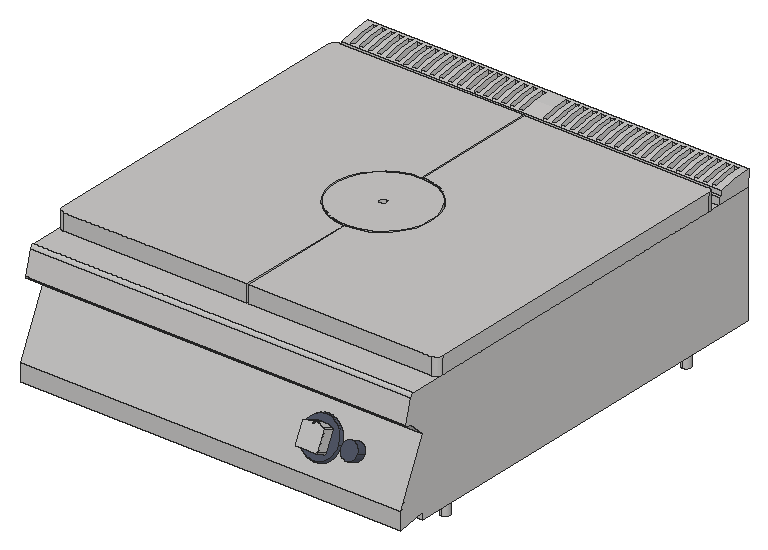
Revit family "QF_ZANUSSI_392018_Z9STGH1000", category Specialty Equipment, Revit 2018
Family settings
  Round Connector Dimension = Use Diameter
  Part Type = Normal
  Work Plane-Based = No
  Always vertical = Yes
  Cut with Voids When Loaded = No
  Shared = No
  Room Calculation Point = No
Parameters
  Width = 800 mm  # constant formula
  Weight in Pounds = 92  # constant formula
  Weight = 0.00 kg
  Watts = 0 W
  Volts = 0 V
  URL Manufacturer = "http://www.zanussiprofessional.com"
  URL Cutsheet = "www.electrolux.com"
  URL = "http://www.zanussiprofessional.com"
  Type Mark [instance] = ""
  Steam Supply Size = 0"
  Steam Supply Minimum Pressure = 0.00 psi
  Steam Supply Maximum Pressure = 0.00 psi
  Steam Pounds per Hour = 0
  Status [instance] = ""
  Specification by User [instance] = ""
  Specification by Manufacturer = ""
  Show Logo [instance] = yes
  Show Clearance [instance] = yes
  Serial Number = ""
  Seismic Rating = ""
  SMACNA No = ""
  Revision Code [instance] = ""
  Refrigeration Suction Line Size = 0"
  Refrigeration Liquid Line Size = 0"
  Refrigerant Compressor Remote = yes
  Phase = 0
  Omniclass Number and Title = ""
  NAFEM Spec ID Number = ""
  Model = "Z9STGH1000"
  Mechanical Remarks [instance] = ""
  Mechanical Connection Type [instance] = ""
  Masterspec = ""
  Manufacturer = "Zanussi"
  Length Actual = 800 mm  # constant formula
  Item Number [instance] = "392018"
  Installed By [instance] = ""
  Identify Quantity as Lot [instance] = yes
  Hot Water Size = 0"
  Height Actual = 250 mm  # constant formula
  Height = 250 mm  # constant formula
  HP = "0 HP"
  Gas Size = 1/2"  # constant formula
  Gas RI Height [instance] = 0 mm
  Gas KW [instance] = 10.5  # constant formula
  Gas Input [instance] = 0.351868 Btu/h
  Gas Connection Height = 0 mm
  Furnished By [instance] = ""
  Foodservice Equipment Identifier [instance] = yes
  Direct Waste Size = 0"
  Description = "GAS SOLID TOP 800 MM"
  Depth Actual = 900 mm  # constant formula
  Depth = 915 mm  # constant formula
  Cycle = 0 Hz
  Condensate Return Size = 0"
  Compressed Air Volume = 0 GPM
  Compressed Air Size = 0"
  Compressed Air Pressure = 0.00 psi
  Cold Water Size = 0"
  CSI MasterFormat = ""
  CSI Master Format = ""
  Assembly Code = ""
  Accessory = yes
Reference planes
  plane 1 "BACK": y = 0
  plane 2: z = 0
  plane 3 "LEFT": x = 0
  plane 4 "RIGHT": x = 800
  plane 5 "FRONT": y = -915
  plane 6 "TOP": z = 303.188
  plane 7 "Center Y": x = 400
  plane 8 "Center X": y = -457.5
  plane 9 "Base Height": z = 24
  plane 10: z = 274
  plane 11: z = 309
  plane 12: y = -90
  plane 13: y = -831
  plane 14: y = -664
Forms (mm)
  Extrusion 1, solid, material "QF_Finishes_Stainless Steel"
    sketch origin (0, 0, 0) x (0, 1, 0) y (0, 0, 1)
      loop
        line (0, 24) -> (0, 274) -> (-879.358, 274)
        arc (-879.358, 274) -> (-884.643, 271.811) -> (-886.833, 266.526) r 7.474
        line (-886.833, 266.526) -> (-899.884, 221.011)
        arc (-899.884, 221.011) -> (-899.396, 218.379) -> (-897, 217.184) r 3
        line (-897, 217.184) -> (-886.802, 217.184) -> (-854.982, 185.364) -> (-915, 64.508) -> (-915, 29.508) -> (-858.645, 37.428)
        arc (-858.645, 37.428) -> (-856.101, 36.674) -> (-855, 34.259) r 3.2
        line (-855, 34.259) -> (-855, 24) -> (0, 24)
    from 0 to 800
  Extrusion 2, solid, material "QF_Finishes_Stainless Steel"
    sketch origin (0, 0, 0) x (0, 1, 0) y (0, 0, 1)
      loop
        line (0, 274) -> (0, 288.9) -> (-76.2, 288.9) -> (-76.2, 274) -> (0, 274)
    from 0 to 800
  Extrusion 3, solid, material "QF_Finishes_Stainless Steel"
    sketch origin (0, 0, 0) x (1, 0, 0) y (0, 1, 0)
      loop
        circle (11.112, -149.225) r 9.525
      loop
        circle (788.888, -149.225) r 9.525
      loop
        circle (11.112, -783.488) r 9.525
      loop
        circle (788.888, -783.488) r 9.525
    from 0 to 23.812
  Extrusion 4, solid, material "QF_Finishes_Stainless Steel"
    sketch origin (0, 0, 274) x (0, -1, 0) y (1, 0, 0)
      loop
        arc (90, 12.7) -> (93.72, 3.72) -> (102.7, 0) r 12.7
        line (102.7, 0) -> (803.3, 0)
        arc (803.3, 0) -> (812.28, 3.72) -> (816, 12.7) r 12.7
        line (816, 12.7) -> (816, 398.413) -> (563.181, 398.413)
        arc (563.181, 398.413) -> (459.918, 297.117) -> (356.811, 398.571) r 103.201
        line (356.811, 398.571) -> (90, 398.571) -> (90, 12.7)
      loop
        arc (816, 787.3) -> (812.28, 796.28) -> (803.3, 800) r 12.7
        line (803.3, 800) -> (102.7, 800)
        arc (102.7, 800) -> (93.72, 796.28) -> (90, 787.3) r 12.7
        line (90, 787.3) -> (90, 401.528) -> (356.813, 401.528)
        arc (356.813, 401.528) -> (460.121, 503.083) -> (563.194, 401.289) r 103.202
        line (563.194, 401.289) -> (816, 401.289) -> (816, 787.3)
      loop
        circle (460, 400) r 100
      loop
        circle (460, 400) r 7
    from 0 to 35.188
  Extrusion 5, void
    sketch origin (34.989, 0, 288.925) x (-1, 0, 0) y (0, -1, 0)
      loop
        line (-335.017, 6.761) -> (-335.017, 63.911) -> (-344.313, 63.911) -> (-344.313, 6.761) -> (-335.017, 6.761)
      loop
        line (-316.325, 6.761) -> (-316.325, 63.911) -> (-325.62, 63.911) -> (-325.62, 6.761) -> (-316.325, 6.761)
      loop
        line (-297.632, 6.761) -> (-297.632, 63.911) -> (-306.928, 63.911) -> (-306.928, 6.761) -> (-297.632, 6.761)
      loop
        line (-278.94, 6.761) -> (-278.94, 63.911) -> (-288.235, 63.911) -> (-288.235, 6.761) -> (-278.94, 6.761)
      loop
        line (-260.247, 6.761) -> (-260.247, 63.911) -> (-269.543, 63.911) -> (-269.543, 6.761) -> (-260.247, 6.761)
      loop
        line (-241.554, 6.761) -> (-241.554, 63.911) -> (-250.85, 63.911) -> (-250.85, 6.761) -> (-241.554, 6.761)
      loop
        line (-222.862, 6.761) -> (-222.862, 63.911) -> (-232.157, 63.911) -> (-232.157, 6.761) -> (-222.862, 6.761)
      loop
        line (-204.169, 6.761) -> (-204.169, 63.911) -> (-213.465, 63.911) -> (-213.465, 6.761) -> (-204.169, 6.761)
      loop
        line (-185.476, 6.761) -> (-185.476, 63.911) -> (-194.772, 63.911) -> (-194.772, 6.761) -> (-185.476, 6.761)
      loop
        line (-166.784, 6.761) -> (-166.784, 63.911) -> (-176.08, 63.911) -> (-176.08, 6.761) -> (-166.784, 6.761)
      loop
        line (-148.091, 6.761) -> (-148.091, 63.911) -> (-157.387, 63.911) -> (-157.387, 6.761) -> (-148.091, 6.761)
      loop
        line (-129.399, 6.761) -> (-129.399, 63.911) -> (-138.694, 63.911) -> (-138.694, 6.761) -> (-129.399, 6.761)
      loop
        line (-110.706, 6.761) -> (-110.706, 63.911) -> (-120.002, 63.911) -> (-120.002, 6.761) -> (-110.706, 6.761)
      loop
        line (-92.013, 6.761) -> (-92.013, 63.911) -> (-101.309, 63.911) -> (-101.309, 6.761) -> (-92.013, 6.761)
      loop
        line (-73.321, 6.761) -> (-73.321, 63.911) -> (-82.617, 63.911) -> (-82.617, 6.761) -> (-73.321, 6.761)
      loop
        line (-54.628, 6.761) -> (-54.628, 63.911) -> (-63.924, 63.911) -> (-63.924, 6.761) -> (-54.628, 6.761)
      loop
        line (-35.936, 6.761) -> (-35.936, 63.911) -> (-45.231, 63.911) -> (-45.231, 6.761) -> (-35.936, 6.761)
      loop
        line (-17.243, 6.761) -> (-17.243, 63.911) -> (-26.539, 63.911) -> (-26.539, 6.761) -> (-17.243, 6.761)
      loop
        line (1.45, 6.761) -> (1.45, 63.911) -> (-7.846, 63.911) -> (-7.846, 6.761) -> (1.45, 6.761)
      loop
        line (20.142, 6.761) -> (20.142, 63.911) -> (10.846, 63.911) -> (10.846, 6.761) -> (20.142, 6.761)
      loop
        line (-395.005, 6.761) -> (-385.709, 6.761) -> (-385.709, 63.911) -> (-395.005, 63.911) -> (-395.005, 6.761)
      loop
        line (-413.697, 6.761) -> (-404.401, 6.761) -> (-404.401, 63.911) -> (-413.697, 63.911) -> (-413.697, 6.761)
      loop
        line (-432.39, 6.761) -> (-423.094, 6.761) -> (-423.094, 63.911) -> (-432.39, 63.911) -> (-432.39, 6.761)
      loop
        line (-451.082, 6.761) -> (-441.787, 6.761) -> (-441.787, 63.911) -> (-451.082, 63.911) -> (-451.082, 6.761)
      loop
        line (-469.775, 6.761) -> (-460.479, 6.761) -> (-460.479, 63.911) -> (-469.775, 63.911) -> (-469.775, 6.761)
      loop
        line (-488.468, 6.761) -> (-479.172, 6.761) -> (-479.172, 63.911) -> (-488.468, 63.911) -> (-488.468, 6.761)
      loop
        line (-507.16, 6.761) -> (-497.864, 6.761) -> (-497.864, 63.911) -> (-507.16, 63.911) -> (-507.16, 6.761)
      loop
        line (-525.853, 6.761) -> (-516.557, 6.761) -> (-516.557, 63.911) -> (-525.853, 63.911) -> (-525.853, 6.761)
      loop
        line (-544.545, 6.761) -> (-535.25, 6.761) -> (-535.25, 63.911) -> (-544.545, 63.911) -> (-544.545, 6.761)
      loop
        line (-563.238, 6.761) -> (-553.942, 6.761) -> (-553.942, 63.911) -> (-563.238, 63.911) -> (-563.238, 6.761)
      loop
        line (-581.931, 6.761) -> (-572.635, 6.761) -> (-572.635, 63.911) -> (-581.931, 63.911) -> (-581.931, 6.761)
      loop
        line (-600.623, 6.761) -> (-591.328, 6.761) -> (-591.328, 63.911) -> (-600.623, 63.911) -> (-600.623, 6.761)
      loop
        line (-619.316, 6.761) -> (-610.02, 6.761) -> (-610.02, 63.911) -> (-619.316, 63.911) -> (-619.316, 6.761)
      loop
        line (-638.008, 6.761) -> (-628.713, 6.761) -> (-628.713, 63.911) -> (-638.008, 63.911) -> (-638.008, 6.761)
      loop
        line (-656.701, 6.761) -> (-647.405, 6.761) -> (-647.405, 63.911) -> (-656.701, 63.911) -> (-656.701, 6.761)
      loop
        line (-675.394, 6.761) -> (-666.098, 6.761) -> (-666.098, 63.911) -> (-675.394, 63.911) -> (-675.394, 6.761)
      loop
        line (-694.086, 6.761) -> (-684.791, 6.761) -> (-684.791, 63.911) -> (-694.086, 63.911) -> (-694.086, 6.761)
      loop
        line (-712.779, 6.761) -> (-703.483, 6.761) -> (-703.483, 63.911) -> (-712.779, 63.911) -> (-712.779, 6.761)
      loop
        line (-731.472, 6.761) -> (-722.176, 6.761) -> (-722.176, 63.911) -> (-731.472, 63.911) -> (-731.472, 6.761)
      loop
        line (-750.164, 6.761) -> (-740.868, 6.761) -> (-740.868, 63.911) -> (-750.164, 63.911) -> (-750.164, 6.761)
    from 4.268 to 45.348
  Extrusion 6, solid, material "QF_Finishes_Stainless Steel"
    sketch origin (0, 0, 14.288) x (0, 1, 0) y (0, 0, 1)
      loop
        line (0, 274.613) -> (0, 294.713)
        arc (0, 294.713) -> (-35.344, 292.192) -> (-69.85, 284.137) r 224.293
        line (-69.85, 284.137) -> (-69.85, 274.613) -> (0, 274.613)
    from 0 to 800
  Extrusion 7, solid, material "QF_Clearances", visible <- "Show Clearance", detail levels coarse
    sketch origin (0, 0, 0) x (1, 0, 0) y (0, 1, 0)
      loop
        line (0, -915) -> (0, 0) -> (800, 0) -> (800, -915) -> (900, -915) -> (900, 100) -> (-100, 100) -> (-100, -915) -> (0, -915)
    from 0 to 331.787
  Extrusion 8, solid, material "QF_Finishes_Stainless Steel"
    sketch origin (0, -837.222, 24) x (1, 0, 0) y (0, -1, 0)
      loop
        circle (748, -173.222) r 6.4
    from 0 to 20
  Extrusion 9, solid, material "QF_Plastic-Black-Matte"
    sketch origin (552.5, -884.991, 124.936) x (0, 0.444781, 0.895639) y (0, 0.895639, -0.444781)
      loop
        line (26.984, -34) -> (23.984, -34) -> (23.984, -35) -> (26.984, -35)
        arc (26.984, -35) -> (27.691, -34.707) -> (27.984, -34) r 1
        line (27.984, -34) -> (27.984, -19) -> (26.984, -19) -> (26.984, -34)
    from -58.5 to -56.5
  Extrusion 10, solid, material "QF_Finishes_Stainless Steel"
    sketch origin (610, -884.991, 124.936) x (-1, 0, 0) y (0, -0.444781, -0.895639)
      loop
        line (17.5, -17.5) -> (17.5, 17.5) -> (-17.5, 17.5) -> (-17.5, -17.5) -> (17.5, -17.5)
    from 5 to 10
  Blend 11, solid, material "QF_Finishes_Navy Blue"
    base sketch origin (610, -884.991, 124.936) x (1, 0, 0) y (0, 0.444781, 0.895639)
      loop
        circle (0, 0) r 42.5
    top sketch origin (610, -884.991, 124.936) x (1, 0, 0) y (0, 0.444781, 0.895639)
      loop
        circle (0, 0) r 40.5
    from 0 to 5
  Extrusion 12, solid, material "QF_Finishes_Stainless Steel"
    sketch origin (610, -884.991, 124.936) x (-1, 0, 0) y (0, -0.444781, -0.895639)
      loop
        arc (-21.147, -22.789) -> (0, -26.984) -> (21.147, -22.789) r 55.4
        arc (21.147, -22.789) -> (22.494, -21.685) -> (23, -20.019) r 2.997
        line (23, -20.019) -> (23, 20.019)
        arc (23, 20.019) -> (22.122, 22.138) -> (20.003, 23.016) r 2.997
        line (20.003, 23.016) -> (-20.003, 23.016)
        arc (-20.003, 23.016) -> (-22.122, 22.138) -> (-23, 20.019) r 2.997
        line (-23, 20.019) -> (-23, -20.019)
        arc (-23, -20.019) -> (-22.494, -21.685) -> (-21.147, -22.789) r 2.997
    from 10 to 34
  Extrusion 13, solid, material "QF_Finishes_Navy Blue"
    sketch origin (740.001, -884.991, 124.936) x (1, 0, 0) y (0, 0.444781, 0.895639)
      loop
        circle (-55.001, 0) r 18
    from 3 to 23
  Extrusion 14, solid, material "QF_Finishes_Stainless Steel"
    sketch origin (601, -884.991, 124.936) x (1, 0, 0) y (0, 0.444781, 0.895639)
      loop
        circle (84, 0) r 15
    from 3 to 0
Cuts and joins
  Extrusion 5 cuts Extrusion 1
  Extrusion 5 cuts Extrusion 6
  joined: Extrusion 2, Extrusion 6
Lines and regions (mm)
  Split face 1
    outline origin (604.87, -895.739, 114.536) x (1, 0, 0) y (0, 0.444781, 0.895639)
      loop
        circle (-24.487, 26.694) r 2.5
  Split face 2
    outline origin (643, -873.946, 158.418) x (1, 0, 0) y (0, 0.444781, 0.895639)
      loop
        circle (-33, 0) r 1.5
  Split face 3
    outline origin (601.34, -887.245, 131.638) x (1, 0, 0) y (0, 0.444781, 0.895639)
      loop
        circle (-17.8, -29.371) r 2.5
  symbolic lines
    curve 1: line (0, 0, 0) -> (0, -915, 0)
    curve 2: line (800, 0, 0) -> (0, 0, 0)
    curve 3: line (800, -915.129, 0) -> (800, 0, 0)
    curve 4: arc (787.3, -816, 0) -> (796.28, -812.28, 0) -> (800, -803.3, 0) r 12.7
    curve 5: line (800, -803.3, 0) -> (800, -102.7, 0)
    curve 6: arc (800, -102.7, 0) -> (796.28, -93.72, 0) -> (787.3, -90, 0) r 12.7
    curve 7: line (787.3, -90, 0) -> (401.528, -90, 0)
    curve 8: line (401.528, -90, 0) -> (401.528, -349.313, 0)
    curve 9: arc (401.528, -349.313, 0) -> (503.083, -452.621, 0) -> (401.289, -555.694, 0) r 103.202
    curve 10: line (401.289, -555.694, 0) -> (401.289, -816, 0)
    curve 11: line (401.289, -816, 0) -> (787.3, -816, 0)
    curve 12: arc (400, -552.5, 0) -> (500, -452.5, 0) -> (400, -352.5, 0) r 100
    curve 13: arc (400, -352.5, 0) -> (300, -452.5, 0) -> (400, -552.5, 0) r 100
    curve 14: arc (398.413, -555.681, 0) -> (297.117, -452.418, 0) -> (398.571, -349.311, 0) r 103.201
    curve 15: line (398.571, -349.311, 0) -> (398.571, -90, 0)
    curve 16: line (398.571, -90, 0) -> (12.7, -90, 0)
    curve 17: arc (12.7, -90, 0) -> (3.72, -93.72, 0) -> (0, -102.7, 0) r 12.7
    curve 18: line (0, -102.7, 0) -> (0, -803.3, 0)
    curve 19: arc (0, -803.3, 0) -> (3.72, -812.28, 0) -> (12.7, -816, 0) r 12.7
    curve 20: line (12.7, -816, 0) -> (398.413, -816, 0)
    curve 21: line (398.413, -816, 0) -> (398.413, -555.681, 0)
    curve 22: arc (400, -445.5, 0) -> (407, -452.5, 0) -> (400, -459.5, 0) r 7
    curve 23: arc (400, -459.5, 0) -> (393, -452.5, 0) -> (400, -445.5, 0) r 7
    curve 24: line (0, -76.2, 0) -> (800, -76.2, 0)
    curve 25: line (0, -69.85, 0) -> (800, -69.85, 0)
    curve 26: line (14.847, -63.911, 0) -> (14.847, -6.761, 0)
    curve 27: line (14.847, -6.761, 0) -> (24.143, -6.761, 0)
    curve 28: line (24.143, -6.761, 0) -> (24.143, -63.911, 0)
    curve 29: line (24.143, -63.911, 0) -> (14.847, -63.911, 0)
    curve 30: line (33.539, -63.911, 0) -> (33.539, -6.761, 0)
    curve 31: line (33.539, -6.761, 0) -> (42.835, -6.761, 0)
    curve 32: line (42.835, -6.761, 0) -> (42.835, -63.911, 0)
    curve 33: line (42.835, -63.911, 0) -> (33.539, -63.911, 0)
    curve 34: line (52.232, -63.911, 0) -> (52.232, -6.761, 0)
    curve 35: line (52.232, -6.761, 0) -> (61.528, -6.761, 0)
    curve 36: line (61.528, -6.761, 0) -> (61.528, -63.911, 0)
    curve 37: line (61.528, -63.911, 0) -> (52.232, -63.911, 0)
    curve 38: line (70.925, -63.911, 0) -> (70.925, -6.761, 0)
    curve 39: line (70.925, -6.761, 0) -> (80.22, -6.761, 0)
    curve 40: line (80.22, -6.761, 0) -> (80.22, -63.911, 0)
    curve 41: line (80.22, -63.911, 0) -> (70.925, -63.911, 0)
    curve 42: line (89.617, -63.911, 0) -> (89.617, -6.761, 0)
    curve 43: line (89.617, -6.761, 0) -> (98.913, -6.761, 0)
    curve 44: line (98.913, -6.761, 0) -> (98.913, -63.911, 0)
    curve 45: line (98.913, -63.911, 0) -> (89.617, -63.911, 0)
    curve 46: line (108.31, -63.911, 0) -> (108.31, -6.761, 0)
    curve 47: line (108.31, -6.761, 0) -> (117.606, -6.761, 0)
    curve 48: line (117.606, -6.761, 0) -> (117.606, -63.911, 0)
    curve 49: line (117.606, -63.911, 0) -> (108.31, -63.911, 0)
    curve 50: line (127.002, -63.911, 0) -> (127.002, -6.761, 0)
    curve 51: line (127.002, -6.761, 0) -> (136.298, -6.761, 0)
    curve 52: line (136.298, -6.761, 0) -> (136.298, -63.911, 0)
    curve 53: line (136.298, -63.911, 0) -> (127.002, -63.911, 0)
    curve 54: line (145.695, -63.911, 0) -> (145.695, -6.761, 0)
    curve 55: line (145.695, -6.761, 0) -> (154.991, -6.761, 0)
    curve 56: line (154.991, -6.761, 0) -> (154.991, -63.911, 0)
    curve 57: line (154.991, -63.911, 0) -> (145.695, -63.911, 0)
    curve 58: line (164.388, -63.911, 0) -> (164.388, -6.761, 0)
    curve 59: line (164.388, -6.761, 0) -> (173.683, -6.761, 0)
    curve 60: line (173.683, -6.761, 0) -> (173.683, -63.911, 0)
    curve 61: line (173.683, -63.911, 0) -> (164.388, -63.911, 0)
    curve 62: line (183.08, -63.911, 0) -> (183.08, -6.761, 0)
    curve 63: line (183.08, -6.761, 0) -> (192.376, -6.761, 0)
    curve 64: line (192.376, -6.761, 0) -> (192.376, -63.911, 0)
    curve 65: line (192.376, -63.911, 0) -> (183.08, -63.911, 0)
    curve 66: line (201.773, -63.911, 0) -> (201.773, -6.761, 0)
    curve 67: line (201.773, -6.761, 0) -> (211.069, -6.761, 0)
    curve 68: line (211.069, -6.761, 0) -> (211.069, -63.911, 0)
    curve 69: line (211.069, -63.911, 0) -> (201.773, -63.911, 0)
    curve 70: line (220.466, -63.911, 0) -> (220.466, -6.761, 0)
    curve 71: line (220.466, -6.761, 0) -> (229.761, -6.761, 0)
    curve 72: line (229.761, -6.761, 0) -> (229.761, -63.911, 0)
    curve 73: line (229.761, -63.911, 0) -> (220.466, -63.911, 0)
    curve 74: line (239.158, -63.911, 0) -> (239.158, -6.761, 0)
    curve 75: line (239.158, -6.761, 0) -> (248.454, -6.761, 0)
    curve 76: line (248.454, -6.761, 0) -> (248.454, -63.911, 0)
    curve 77: line (248.454, -63.911, 0) -> (239.158, -63.911, 0)
    curve 78: line (420.698, -63.911, 0) -> (420.698, -6.761, 0)
    curve 79: line (420.698, -6.761, 0) -> (429.994, -6.761, 0)
    curve 80: line (429.994, -6.761, 0) -> (429.994, -63.911, 0)
    curve 81: line (429.994, -63.911, 0) -> (420.698, -63.911, 0)
    curve 82: line (370.006, -63.911, 0) -> (370.006, -6.761, 0)
    curve 83: line (370.006, -6.761, 0) -> (379.302, -6.761, 0)
    curve 84: line (379.302, -6.761, 0) -> (379.302, -63.911, 0)
    curve 85: line (379.302, -63.911, 0) -> (370.006, -63.911, 0)
    curve 86: line (351.314, -63.911, 0) -> (351.314, -6.761, 0)
    curve 87: line (351.314, -6.761, 0) -> (360.61, -6.761, 0)
    curve 88: line (360.61, -6.761, 0) -> (360.61, -63.911, 0)
    curve 89: line (360.61, -63.911, 0) -> (351.314, -63.911, 0)
    curve 90: line (332.621, -63.911, 0) -> (332.621, -6.761, 0)
    curve 91: line (332.621, -6.761, 0) -> (341.917, -6.761, 0)
    curve 92: line (341.917, -6.761, 0) -> (341.917, -63.911, 0)
    curve 93: line (341.917, -63.911, 0) -> (332.621, -63.911, 0)
    curve 94: line (313.929, -63.911, 0) -> (313.929, -6.761, 0)
    curve 95: line (313.929, -6.761, 0) -> (323.224, -6.761, 0)
    curve 96: line (323.224, -6.761, 0) -> (323.224, -63.911, 0)
    curve 97: line (323.224, -63.911, 0) -> (313.929, -63.911, 0)
    curve 98: line (295.236, -63.911, 0) -> (295.236, -6.761, 0)
    curve 99: line (295.236, -6.761, 0) -> (304.532, -6.761, 0)
    curve 100: line (304.532, -6.761, 0) -> (304.532, -63.911, 0)
    curve 101: line (304.532, -63.911, 0) -> (295.236, -63.911, 0)
    curve 102: line (276.543, -63.911, 0) -> (276.543, -6.761, 0)
    curve 103: line (276.543, -6.761, 0) -> (285.839, -6.761, 0)
    curve 104: line (285.839, -6.761, 0) -> (285.839, -63.911, 0)
    curve 105: line (285.839, -63.911, 0) -> (276.543, -63.911, 0)
    curve 106: line (257.851, -63.911, 0) -> (257.851, -6.761, 0)
    curve 107: line (257.851, -6.761, 0) -> (267.146, -6.761, 0)
    curve 108: line (267.146, -6.761, 0) -> (267.146, -63.911, 0)
    curve 109: line (267.146, -63.911, 0) -> (257.851, -63.911, 0)
    curve 110: line (439.39, -63.911, 0) -> (439.39, -6.761, 0)
    curve 111: line (439.39, -6.761, 0) -> (448.686, -6.761, 0)
    curve 112: line (448.686, -6.761, 0) -> (448.686, -63.911, 0)
    curve 113: line (448.686, -63.911, 0) -> (439.39, -63.911, 0)
    curve 114: line (458.083, -63.911, 0) -> (458.083, -6.761, 0)
    curve 115: line (458.083, -6.761, 0) -> (467.379, -6.761, 0)
    curve 116: line (467.379, -6.761, 0) -> (467.379, -63.911, 0)
    curve 117: line (467.379, -63.911, 0) -> (458.083, -63.911, 0)
    curve 118: line (476.776, -63.911, 0) -> (476.776, -6.761, 0)
    curve 119: line (476.776, -6.761, 0) -> (486.071, -6.761, 0)
    curve 120: line (486.071, -6.761, 0) -> (486.071, -63.911, 0)
    curve 121: line (486.071, -63.911, 0) -> (476.776, -63.911, 0)
    curve 122: line (495.468, -63.911, 0) -> (495.468, -6.761, 0)
    curve 123: line (495.468, -6.761, 0) -> (504.764, -6.761, 0)
    curve 124: line (504.764, -6.761, 0) -> (504.764, -63.911, 0)
    curve 125: line (504.764, -63.911, 0) -> (495.468, -63.911, 0)
    curve 126: line (514.161, -63.911, 0) -> (514.161, -6.761, 0)
    curve 127: line (514.161, -6.761, 0) -> (523.457, -6.761, 0)
    curve 128: line (523.457, -6.761, 0) -> (523.457, -63.911, 0)
    curve 129: line (523.457, -63.911, 0) -> (514.161, -63.911, 0)
    curve 130: line (532.854, -63.911, 0) -> (532.854, -6.761, 0)
    curve 131: line (532.854, -6.761, 0) -> (542.149, -6.761, 0)
    curve 132: line (542.149, -6.761, 0) -> (542.149, -63.911, 0)
    curve 133: line (542.149, -63.911, 0) -> (532.854, -63.911, 0)
    curve 134: line (551.546, -63.911, 0) -> (551.546, -6.761, 0)
    curve 135: line (551.546, -6.761, 0) -> (560.842, -6.761, 0)
    curve 136: line (560.842, -6.761, 0) -> (560.842, -63.911, 0)
    curve 137: line (560.842, -63.911, 0) -> (551.546, -63.911, 0)
    curve 138: line (570.239, -63.911, 0) -> (570.239, -6.761, 0)
    curve 139: line (570.239, -6.761, 0) -> (579.534, -6.761, 0)
    curve 140: line (579.534, -6.761, 0) -> (579.534, -63.911, 0)
    curve 141: line (579.534, -63.911, 0) -> (570.239, -63.911, 0)
    curve 142: line (588.931, -63.911, 0) -> (588.931, -6.761, 0)
    curve 143: line (588.931, -6.761, 0) -> (598.227, -6.761, 0)
    curve 144: line (598.227, -6.761, 0) -> (598.227, -63.911, 0)
    curve 145: line (598.227, -63.911, 0) -> (588.931, -63.911, 0)
    curve 146: line (607.624, -63.911, 0) -> (607.624, -6.761, 0)
    curve 147: line (607.624, -6.761, 0) -> (616.92, -6.761, 0)
    curve 148: line (616.92, -6.761, 0) -> (616.92, -63.911, 0)
    curve 149: line (616.92, -63.911, 0) -> (607.624, -63.911, 0)
    curve 150: line (626.317, -63.911, 0) -> (626.317, -6.761, 0)
    curve 151: line (626.317, -6.761, 0) -> (635.612, -6.761, 0)
    curve 152: line (635.612, -6.761, 0) -> (635.612, -63.911, 0)
    curve 153: line (635.612, -63.911, 0) -> (626.317, -63.911, 0)
    curve 154: line (645.009, -63.911, 0) -> (645.009, -6.761, 0)
    curve 155: line (645.009, -6.761, 0) -> (654.305, -6.761, 0)
    curve 156: line (654.305, -6.761, 0) -> (654.305, -63.911, 0)
    curve 157: line (654.305, -63.911, 0) -> (645.009, -63.911, 0)
    curve 158: line (663.702, -63.911, 0) -> (663.702, -6.761, 0)
    curve 159: line (663.702, -6.761, 0) -> (672.998, -6.761, 0)
    curve 160: line (672.998, -6.761, 0) -> (672.998, -63.911, 0)
    curve 161: line (672.998, -63.911, 0) -> (663.702, -63.911, 0)
    curve 162: line (682.394, -63.911, 0) -> (682.394, -6.761, 0)
    curve 163: line (682.394, -6.761, 0) -> (691.69, -6.761, 0)
    curve 164: line (691.69, -6.761, 0) -> (691.69, -63.911, 0)
    curve 165: line (691.69, -63.911, 0) -> (682.394, -63.911, 0)
    curve 166: line (701.087, -63.911, 0) -> (701.087, -6.761, 0)
    curve 167: line (701.087, -6.761, 0) -> (710.383, -6.761, 0)
    curve 168: line (710.383, -6.761, 0) -> (710.383, -63.911, 0)
    curve 169: line (710.383, -63.911, 0) -> (701.087, -63.911, 0)
    curve 170: line (719.78, -63.911, 0) -> (719.78, -6.761, 0)
    curve 171: line (719.78, -6.761, 0) -> (729.075, -6.761, 0)
    curve 172: line (729.075, -6.761, 0) -> (729.075, -63.911, 0)
    curve 173: line (729.075, -63.911, 0) -> (719.78, -63.911, 0)
    curve 174: line (738.472, -63.911, 0) -> (738.472, -6.761, 0)
    curve 175: line (738.472, -6.761, 0) -> (747.768, -6.761, 0)
    curve 176: line (747.768, -6.761, 0) -> (747.768, -63.911, 0)
    curve 177: line (747.768, -63.911, 0) -> (738.472, -63.911, 0)
    curve 178: line (757.165, -63.911, 0) -> (757.165, -6.761, 0)
    curve 179: line (757.165, -6.761, 0) -> (766.461, -6.761, 0)
    curve 180: line (766.461, -6.761, 0) -> (766.461, -63.911, 0)
    curve 181: line (766.461, -63.911, 0) -> (757.165, -63.911, 0)
    curve 182: line (775.857, -63.911, 0) -> (775.857, -6.761, 0)
    curve 183: line (775.857, -6.761, 0) -> (785.153, -6.761, 0)
    curve 184: line (785.153, -6.761, 0) -> (785.153, -63.911, 0)
    curve 185: line (785.153, -63.911, 0) -> (775.857, -63.911, 0)
    curve 189: line (587, -900, 0) -> (587, -924.347, 0)
    curve 190: arc (587, -924.347, 0) -> (587.146, -924.811, 0) -> (587.532, -925.107, 0) r 0.809
    curve 191: arc (587.532, -925.107, 0) -> (588.72, -925.587, 0) -> (589.997, -925.68, 0) r 4.127
    curve 192: arc (587, -904.292, 0) -> (581.959, -902.458, 0) -> (577.191, -900, 0) r 42.24
    curve 193: arc (587, -906.539, 0) -> (587.502, -905.818, 0) -> (588.299, -905.448, 0) r 1.682
    curve 194: arc (588.299, -905.448, 0) -> (598.602, -903.95, 0) -> (609, -903.441, 0) r 109.079
    curve 195: line (609, -900, 0) -> (609, -905.671, 0)
    curve 196: line (609, -905.671, 0) -> (611, -905.671, 0)
    curve 197: line (611, -905.671, 0) -> (611, -900, 0)
    curve 198: line (633, -900, 0) -> (633, -924.347, 0)
    curve 199: arc (633, -924.347, 0) -> (632.854, -924.811, 0) -> (632.468, -925.107, 0) r 0.809
    curve 200: arc (632.468, -925.107, 0) -> (631.28, -925.587, 0) -> (630.003, -925.68, 0) r 4.127
    curve 201: arc (633, -904.292, 0) -> (638.041, -902.458, 0) -> (642.809, -900, 0) r 42.24
    curve 202: arc (633, -906.539, 0) -> (632.498, -905.818, 0) -> (631.701, -905.448, 0) r 1.682
    curve 203: arc (631.701, -905.448, 0) -> (621.398, -903.95, 0) -> (611, -903.441, 0) r 109.079
    curve 204: line (589.997, -925.68, 0) -> (630.003, -925.68, 0)
    curve 205: line (0, -900, 0) -> (800, -900, 0)
    curve 206: line (0, -915, 0) -> (587, -915, 0)
    curve 207: line (633, -915, 0) -> (800, -915, 0)
    curve 208: spline (667, -905.591, 0) -> (667.613, -907.663, 0) -> (669.412, -909.594, 0) -> (672.272, -911.252, 0) -> (676, -912.524, 0) -> (680.341, -913.324, 0) -> (685, -913.597, 0) -> (689.659, -913.324, 0) -> (694, -912.524, 0) -> (697.728, -911.252, 0) -> (700.588, -909.594, 0) -> (702.387, -907.663, 0) -> (703, -905.591, 0)
    curve 209: line (703, -905.591, 0) -> (703, -900, 0)
    curve 210: spline (703, -905.591, 0) -> (702.963, -905.075, 0) -> (702.851, -904.562, 0) -> (702.665, -904.053, 0) -> (702.406, -903.55, 0) -> (702.074, -903.056, 0) -> (701.672, -902.573, 0) -> (701.201, -902.102, 0) -> (700.662, -901.645, 0) -> (700.059, -901.205, 0) -> (699.393, -900.783, 0) -> (698.667, -900.381, 0) -> (697.884, -900, 0)
    curve 211: spline (672.116, -900, 0) -> (671.333, -900.381, 0) -> (670.607, -900.783, 0) -> (669.941, -901.205, 0) -> (669.338, -901.645, 0) -> (668.799, -902.102, 0) -> (668.328, -902.573, 0) -> (667.926, -903.056, 0) -> (667.594, -903.55, 0) -> (667.335, -904.053, 0) -> (667.149, -904.562, 0) -> (667.037, -905.075, 0) -> (667, -905.591, 0)
  symbolic lines, style "QF_Clearances", visible <- "Show Clearance", detail levels coarse
    curve 186: line (-100, -915, 0) -> (-100, 100, 0)
    curve 187: line (-100, 100, 0) -> (900, 100, 0)
    curve 188: line (900, 100, 0) -> (900, -915, 0)
Dimensions and locks
  equal spacing: plane 3 "LEFT", plane 7 "Center Y", plane 4 "RIGHT"
  plane 3 "LEFT" to plane 4 "RIGHT" = 800 mm
  equal spacing: plane 5 "FRONT", plane 8 "Center X", plane 1 "BACK"
  plane 5 "FRONT" to plane 1 "BACK" = 915 mm  (x2)
  plane 9 "Base Height" to level = 24 mm
  plane 10 to plane 9 "Base Height" = 250 mm
  plane 6 "TOP" to plane 10 = 29.187 mm
  plane 11 to level = 309 mm
  plane 11 to plane 2 = 309 mm  (x2)
  plane 9 "Base Height" to plane 2 = 24 mm
  plane 12 to plane 1 "BACK" = 90 mm
  plane 13 to plane 12 = 741 mm
  plane 11 to plane 10 = 35 mm
  Extrusion 8 sketch curve to plane 1 "BACK" = 664 mm
  Extrusion 8 sketch curve to plane 4 "RIGHT" = 52 mm
  plane 14 to plane 1 "BACK" = 664 mm
  Extrusion 8 to plane 9 "Base Height" = 20 mm
  aligned and locked: level to plane 2
Automatic sketch dimensions
  Extrusion 2 sketch curve to plane 10 = 0 mm
  Extrusion 2 sketch curve to plane 1 "BACK" = 0 mm
  Extrusion 2 sketch curve to plane 6 "TOP" = 14.287 mm
  plane 3 "LEFT" to Extrusion 3 sketch curve = 11.112 mm  (x2)
  Extrusion 3 sketch curve to plane 4 "RIGHT" = 11.112 mm  (x2)
  Extrusion 3 sketch curve to Extrusion 3 sketch curve = 9.525 mm  (x4)
  Extrusion 5 sketch curve to plane 4 "RIGHT" = 14.847 mm
  Extrusion 5 sketch curve to Extrusion 5 sketch curve = 9.296 mm  (x40)
  Extrusion 5 sketch curve to Extrusion 5 sketch curve = 9.397 mm  (x38)
  Extrusion 5 sketch curve to plane 7 "Center Y" = 20.698 mm
  plane 1 "BACK" to Extrusion 5 sketch curve = 6.761 mm  (x40)
  Extrusion 6 sketch curve to plane 1 "BACK" = 0 mm
  Extrusion 6 sketch curve to plane 11 = 0 mm
  plane 1 "BACK" to Extrusion 6 sketch curve = 1.769 mm
  Extrusion 6 sketch curve to plane 6 "TOP" = 4.763 mm
  Extrusion 6 sketch curve to Extrusion 6 sketch curve = 9.525 mm
  plane 1 "BACK" to Extrusion 2 sketch curve = 76.2 mm
  Extrusion 3 sketch curve to Extrusion 3 sketch curve = 0 mm  (x4)
  Extrusion 3 sketch curve to plane 5 "FRONT" = 121.987 mm  (x2)
  plane 1 "BACK" to Extrusion 3 sketch curve = 158.75 mm  (x2)
  Extrusion 5 sketch curve to Extrusion 5 sketch curve = 57.15 mm  (x2)
  Extrusion 5 sketch curve to Extrusion 5 sketch curve = 0 mm  (x38)
  plane 1 "BACK" to Extrusion 6 sketch curve = 69.85 mm
  plane 5 "FRONT" to Extrusion 7 sketch curve = 0 mm  (x2)
  Extrusion 7 sketch curve to plane 3 "LEFT" = 100 mm
  plane 4 "RIGHT" to Extrusion 7 sketch curve = 100 mm
  Extrusion 7 sketch curve to plane 1 "BACK" = 0 mm
  Extrusion 7 sketch curve to plane 3 "LEFT" = 0 mm
  Extrusion 7 sketch curve to plane 1 "BACK" = 100 mm
  Extrusion 7 sketch curve to plane 4 "RIGHT" = 0 mm
  Extrusion 4 sketch curve to Extrusion 4 sketch curve = 0 mm  (x6)
  Extrusion 4 sketch curve to Extrusion 4 sketch curve = 12.7 mm  (x3)
  Extrusion 4 sketch curve to Extrusion 4 sketch curve = 266.811 mm
  Extrusion 4 sketch curve to Extrusion 4 sketch curve = 0.002 mm  (x3)
  Extrusion 4 sketch curve to Extrusion 4 sketch curve = 103.185 mm
  Extrusion 4 sketch curve to Extrusion 4 sketch curve = 103.179 mm
  Extrusion 4 sketch curve to Extrusion 4 sketch curve = 0.013 mm
  Extrusion 4 sketch curve to Extrusion 4 sketch curve = 385.713 mm
  Extrusion 4 sketch curve to Extrusion 4 sketch curve = 385.871 mm
  Extrusion 4 sketch curve to Extrusion 4 sketch curve = 0.437 mm
  Extrusion 4 sketch curve to Extrusion 4 sketch curve = 0.119 mm
  Extrusion 4 sketch curve to Extrusion 4 sketch curve = 2.877 mm
  Extrusion 1 sketch curve to plane 10 = 0 mm
  Extrusion 1 sketch curve to plane 9 "Base Height" = 0 mm
  plane 9 "Base Height" to Extrusion 1 sketch curve = 5.508 mm
  plane 5 "FRONT" to Extrusion 1 sketch curve = 0 mm
  Extrusion 1 sketch curve to plane 10 = 52.989 mm
  Extrusion 1 sketch curve to Extrusion 1 sketch curve = 15.116 mm
  Extrusion 1 sketch curve to Extrusion 1 sketch curve = 2.884 mm
  Extrusion 1 sketch curve to plane 10 = 7.474 mm
  Extrusion 1 sketch curve to Extrusion 1 sketch curve = 13.051 mm
  Extrusion 1 sketch curve to Extrusion 1 sketch curve = 10.198 mm
  plane 9 "Base Height" to Extrusion 1 sketch curve = 13.428 mm
  Extrusion 1 sketch curve to Extrusion 1 sketch curve = 56.355 mm
  Extrusion 1 sketch curve to Extrusion 1 sketch curve = 0.445 mm
  Extrusion 1 sketch curve to Extrusion 1 sketch curve = 3.2 mm
  Extrusion 1 sketch curve to plane 10 = 88.636 mm
  Extrusion 1 sketch curve to Extrusion 1 sketch curve = 31.82 mm
  plane 8 "Center X" to Extrusion 1 sketch curve = 457.5 mm
  Extrusion 1 sketch curve to Extrusion 1 sketch curve = 35 mm
  Extrusion 1 sketch curve to Extrusion 1 sketch curve = 3.827 mm
  plane 12 to Extrusion 4 sketch curve = 0 mm
  Extrusion 4 sketch curve to plane 4 "RIGHT" = 0 mm
  Extrusion 4 sketch curve to plane 3 "LEFT" = 0 mm
  Extrusion 4 sketch curve to plane 4 "RIGHT" = 12.7 mm
  Extrusion 4 sketch curve to plane 13 = 27.7 mm
  Extrusion 9 sketch curve to plane 5 "FRONT" = 9.329 mm
  Extrusion 9 sketch curve to plane 10 = 112.016 mm
  Extrusion 9 sketch curve to Extrusion 9 sketch curve = 3 mm
  Extrusion 9 sketch curve to Extrusion 9 sketch curve = 0 mm
  Extrusion 9 sketch curve to Extrusion 9 sketch curve = 1 mm  (x2)
  Extrusion 9 sketch curve to Extrusion 9 sketch curve = 15 mm
  Extrusion 10 sketch curve to plane 4 "RIGHT" = 172.5 mm
  Extrusion 10 sketch curve to plane 4 "RIGHT" = 207.5 mm
  Extrusion 10 sketch curve to Extrusion 10 sketch curve = 35 mm
  Blend 11 sketch curve to plane 4 "RIGHT" = 190 mm  (x2)
  Extrusion 12 sketch curve to plane 4 "RIGHT" = 167 mm
  Extrusion 12 sketch curve to Extrusion 12 sketch curve = 2.997 mm  (x3)
  Extrusion 12 sketch curve to plane 4 "RIGHT" = 190 mm
  Extrusion 12 sketch curve to plane 4 "RIGHT" = 210.003 mm  (x2)
  Extrusion 12 sketch curve to Extrusion 12 sketch curve = 0 mm  (x2)
  Extrusion 12 sketch curve to Extrusion 12 sketch curve = 40.037 mm
  Extrusion 12 sketch curve to Extrusion 12 sketch curve = 5.399 mm
  Extrusion 13 sketch curve to plane 4 "RIGHT" = 115 mm
  Extrusion 14 sketch curve to plane 4 "RIGHT" = 115 mm
  curve 12 to curve 22 = 0 mm  (x2)
  plane 5 "FRONT" to curve 186 = 0 mm
  curve 205 to plane 3 "LEFT" = 0 mm
  curve 17 to plane 3 "LEFT" = 0 mm
  plane 12 to curve 17 = 0 mm
  curve 13 to plane 7 "Center Y" = 0 mm
  plane 12 to curve 8 = 0 mm
  plane 5 "FRONT" to curve 206 = 0 mm
  plane 5 "FRONT" to curve 207 = 0 mm
  curve 24 to plane 4 "RIGHT" = 0 mm
  curve 5 to plane 4 "RIGHT" = 0 mm
  plane 5 "FRONT" to curve 188 = 0 mm
  plane 1 "BACK" to curve 2 = 0 mm
  curve 187 to plane 3 "LEFT" = 100 mm
  plane 3 "LEFT" to curve 19 = 12.7 mm
  plane 3 "LEFT" to curve 17 = 12.7 mm
  plane 1 "BACK" to curve 27 = 6.761 mm
  plane 3 "LEFT" to curve 27 = 14.847 mm
  curve 26 to curve 29 = 9.296 mm
  curve 28 to curve 30 = 9.397 mm
  curve 30 to curve 32 = 9.296 mm
  curve 32 to curve 37 = 9.397 mm
  curve 34 to curve 36 = 9.296 mm
  curve 35 to curve 39 = 9.397 mm
  curve 38 to curve 41 = 9.296 mm
  curve 40 to curve 45 = 9.397 mm
  curve 42 to curve 44 = 9.296 mm
  curve 44 to curve 49 = 9.397 mm
  curve 46 to curve 49 = 9.296 mm
  curve 47 to curve 51 = 9.397 mm
  curve 50 to curve 53 = 9.296 mm
  curve 51 to curve 55 = 9.397 mm
  curve 54 to curve 56 = 9.296 mm
  curve 56 to curve 58 = 9.397 mm
  curve 58 to curve 60 = 9.296 mm
  curve 60 to curve 62 = 9.397 mm
  curve 62 to curve 63 = 9.296 mm
  curve 64 to curve 66 = 9.397 mm
  curve 66 to curve 69 = 9.296 mm
  curve 67 to curve 70 = 9.397 mm
  curve 70 to curve 73 = 9.296 mm
  curve 71 to curve 74 = 9.397 mm
  curve 74 to curve 76 = 9.296 mm
  curve 75 to curve 106 = 9.397 mm
  curve 106 to curve 109 = 9.296 mm
  curve 107 to curve 103 = 9.397 mm
  curve 102 to curve 103 = 9.296 mm
  curve 104 to curve 98 = 9.397 mm
  curve 98 to curve 99 = 9.296 mm
  curve 100 to curve 97 = 9.397 mm
  curve 94 to curve 96 = 9.296 mm
  curve 96 to curve 93 = 9.397 mm
  curve 90 to curve 93 = 9.296 mm
  curve 92 to curve 89 = 9.397 mm
  curve 86 to curve 88 = 9.296 mm
  curve 87 to curve 82 = 9.397 mm
  curve 82 to curve 84 = 9.296 mm
  curve 21 to plane 7 "Center Y" = 1.587 mm
  curve 15 to plane 7 "Center Y" = 1.429 mm
  curve 9 to plane 7 "Center Y" = 0.119 mm
  plane 7 "Center Y" to curve 14 = 0.318 mm
  plane 7 "Center Y" to curve 10 = 1.289 mm
  plane 7 "Center Y" to curve 8 = 1.528 mm
  plane 1 "BACK" to curve 79 = 6.761 mm
  plane 7 "Center Y" to curve 79 = 20.698 mm
  curve 78 to curve 81 = 9.296 mm
  curve 80 to curve 110 = 9.397 mm
  curve 110 to curve 111 = 9.296 mm
  curve 112 to curve 117 = 9.397 mm
  curve 114 to curve 116 = 9.296 mm
  curve 115 to curve 119 = 9.397 mm
  curve 118 to curve 119 = 9.296 mm
  curve 119 to curve 122 = 9.397 mm
  curve 122 to curve 123 = 9.296 mm
  curve 124 to curve 129 = 9.397 mm
  curve 126 to curve 127 = 9.296 mm
  curve 127 to curve 130 = 9.397 mm
  curve 130 to curve 132 = 9.296 mm
  curve 132 to curve 134 = 9.397 mm
  curve 134 to curve 135 = 9.296 mm
  curve 135 to curve 138 = 9.397 mm
  curve 138 to curve 139 = 9.296 mm
  plane 5 "FRONT" to curve 189 = 9.347 mm
  plane 7 "Center Y" to curve 189 = 187 mm
  curve 190 to curve 190 = 0.809 mm
  curve 193 to curve 193 = 1.583 mm
  curve 139 to curve 142 = 9.397 mm
  curve 190 to curve 191 = 1.846 mm
  curve 190 to curve 204 = 2.189 mm
  curve 142 to curve 144 = 9.296 mm
  curve 189 to curve 192 = 11.892 mm
  curve 144 to curve 149 = 9.397 mm
  curve 195 to plane 5 "FRONT" = 9.329 mm
  curve 193 to curve 195 = 20.417 mm
  curve 191 to curve 194 = 19.134 mm
  curve 194 to curve 203 = 1.738 mm
  curve 195 to curve 197 = 2 mm
  curve 146 to curve 148 = 9.296 mm
  curve 192 to curve 201 = 22.215 mm
  curve 147 to curve 151 = 9.397 mm
  curve 196 to curve 204 = 19.003 mm
  curve 200 to curve 200 = 0.343 mm
  curve 200 to curve 202 = 1.071 mm
  curve 204 to curve 199 = 2.189 mm
  curve 199 to curve 198 = 0.809 mm
  curve 150 to curve 151 = 9.296 mm
  curve 151 to curve 155 = 9.397 mm
  curve 154 to curve 155 = 9.296 mm
  curve 156 to curve 158 = 9.397 mm
  curve 158 to curve 159 = 9.296 mm
  curve 159 to curve 163 = 9.397 mm
  curve 162 to curve 165 = 9.296 mm
  curve 164 to curve 166 = 9.397 mm
  curve 166 to curve 167 = 9.296 mm
  curve 167 to curve 170 = 9.397 mm
  curve 170 to curve 172 = 9.296 mm
  curve 171 to curve 174 = 9.397 mm
  curve 174 to curve 176 = 9.296 mm
  curve 176 to curve 178 = 9.397 mm
  curve 178 to curve 180 = 9.296 mm
  curve 180 to curve 185 = 9.397 mm
  curve 182 to curve 184 = 9.296 mm
  curve 4 to plane 4 "RIGHT" = 12.7 mm
  curve 6 to plane 4 "RIGHT" = 12.7 mm
  plane 4 "RIGHT" to curve 188 = 100 mm
  curve 204 to curve 190 = 1.333 mm
  curve 203 to curve 200 = 86.839 mm
  curve 194 to curve 203 = 0 mm
  curve 204 to curve 199 = 1.333 mm
  curve 199 to curve 200 = 2.779 mm
  curve 190 to curve 191 = 2.779 mm
  curve 202 to plane 5 "FRONT" = 7.894 mm
  curve 193 to plane 5 "FRONT" = 7.894 mm
  curve 192 to curve 201 = 0 mm
  curve 10 to plane 13 = 15 mm
  curve 20 to plane 13 = 15 mm
  curve 10 to plane 8 "Center X" = 98.194 mm
  curve 10 to curve 21 = 0.013 mm
  plane 8 "Center X" to curve 9 = 4.998 mm
  curve 9 to curve 23 = 0.002 mm
  curve 23 to curve 14 = 0.002 mm
  curve 26 to plane 12 = 26.089 mm
  curve 52 to plane 12 = 26.089 mm
  curve 49 to curve 50 = 0 mm
  curve 45 to curve 46 = 0 mm
  curve 52 to curve 56 = 0 mm
  curve 56 to curve 58 = 0 mm
  curve 60 to curve 62 = 0 mm
  curve 28 to curve 30 = 0 mm
  curve 64 to curve 66 = 0 mm
  curve 41 to curve 42 = 0 mm
  curve 68 to curve 70 = 0 mm
  curve 32 to curve 37 = 0 mm
  curve 72 to curve 74 = 0 mm
  curve 78 to plane 12 = 26.089 mm
  curve 185 to plane 12 = 26.089 mm
  curve 82 to plane 12 = 26.089 mm
  curve 181 to curve 182 = 0 mm
  curve 86 to curve 82 = 0 mm
  curve 177 to curve 178 = 0 mm
  curve 90 to curve 86 = 0 mm
  curve 173 to curve 174 = 0 mm
  curve 94 to curve 90 = 0 mm
  curve 169 to curve 170 = 0 mm
  curve 98 to curve 94 = 0 mm
  curve 165 to curve 166 = 0 mm
  curve 102 to curve 98 = 0 mm
  curve 161 to curve 162 = 0 mm
  curve 76 to curve 106 = 0 mm
  curve 157 to curve 158 = 0 mm
  curve 80 to curve 110 = 0 mm
  curve 153 to curve 154 = 0 mm
  curve 112 to curve 114 = 0 mm
  curve 149 to curve 150 = 0 mm
  curve 116 to curve 118 = 0 mm
  curve 145 to curve 146 = 0 mm
  curve 120 to curve 122 = 0 mm
  curve 141 to curve 142 = 0 mm
  curve 124 to curve 126 = 0 mm
  curve 137 to curve 138 = 0 mm
  curve 128 to curve 130 = 0 mm
  plane 1 "BACK" to curve 132 = 6.761 mm
  plane 1 "BACK" to curve 128 = 6.761 mm
  plane 1 "BACK" to curve 134 = 6.761 mm
  plane 1 "BACK" to curve 124 = 6.761 mm
  plane 1 "BACK" to curve 138 = 6.761 mm
  plane 1 "BACK" to curve 120 = 6.761 mm
  plane 1 "BACK" to curve 142 = 6.761 mm
  plane 1 "BACK" to curve 116 = 6.761 mm
  plane 1 "BACK" to curve 146 = 6.761 mm
  plane 1 "BACK" to curve 112 = 6.761 mm
  plane 1 "BACK" to curve 150 = 6.761 mm
  plane 1 "BACK" to curve 108 = 6.761 mm
  plane 1 "BACK" to curve 154 = 6.761 mm
  plane 1 "BACK" to curve 104 = 6.761 mm
  plane 1 "BACK" to curve 158 = 6.761 mm
  plane 1 "BACK" to curve 100 = 6.761 mm
  plane 1 "BACK" to curve 162 = 6.761 mm
  plane 1 "BACK" to curve 96 = 6.761 mm
  plane 1 "BACK" to curve 166 = 6.761 mm
  plane 1 "BACK" to curve 92 = 6.761 mm
  plane 1 "BACK" to curve 170 = 6.761 mm
  plane 1 "BACK" to curve 88 = 6.761 mm
  plane 1 "BACK" to curve 174 = 6.761 mm
  plane 1 "BACK" to curve 84 = 6.761 mm
  plane 1 "BACK" to curve 178 = 6.761 mm
  plane 1 "BACK" to curve 182 = 6.761 mm
  plane 1 "BACK" to curve 76 = 6.761 mm
  plane 1 "BACK" to curve 72 = 6.761 mm
  plane 1 "BACK" to curve 68 = 6.761 mm
  plane 1 "BACK" to curve 64 = 6.761 mm
  plane 1 "BACK" to curve 60 = 6.761 mm
  plane 1 "BACK" to curve 56 = 6.761 mm
  plane 1 "BACK" to curve 52 = 6.761 mm
  plane 1 "BACK" to curve 48 = 6.761 mm
  plane 1 "BACK" to curve 44 = 6.761 mm
  plane 1 "BACK" to curve 40 = 6.761 mm
  plane 1 "BACK" to curve 36 = 6.761 mm
  plane 1 "BACK" to curve 32 = 6.761 mm
  curve 186 to plane 1 "BACK" = 100 mm
  curve 192 to curve 189 = 9.809 mm
  curve 193 to curve 193 = 0.284 mm
  curve 202 to curve 202 = 0.284 mm
  curve 198 to curve 201 = 9.809 mm
  curve 201 to curve 208 = 24.191 mm
  curve 208 to curve 208 = 18 mm
  curve 3 to curve 207 = 0.129 mm
  curve 202 to curve 202 = 0.567 mm
  curve 193 to curve 193 = 0.567 mm
  curve 208 to plane 5 "FRONT" = 9.409 mm
  curve 203 to curve 201 = 1.156 mm
  curve 208 to curve 209 = 5.591 mm
  curve 10 to curve 12 = 3.194 mm
  curve 23 to plane 8 "Center X" = 2 mm
  curve 24 to plane 12 = 13.8 mm
  curve 24 to curve 25 = 6.35 mm
  curve 211 to curve 208 = 0 mm
  curve 210 to curve 208 = 0 mm  (x3)
  curve 208 to curve 211 = 5.116 mm
  curve 210 to curve 209 = 5.116 mm
  radius of Extrusion 8 sketch curve = 6.4 mm
  radius of Extrusion 4 sketch curve = 100 mm
  radius of Extrusion 4 sketch curve = 7 mm
  radius of Blend 11 sketch curve = 42.5 mm
  radius of Blend 11 sketch curve = 40.5 mm
  radius of Split face 1 sketch curve = 2.5 mm
  radius of Split face 2 sketch curve = 1.5 mm
  radius of Split face 3 sketch curve = 2.5 mm
  radius of Extrusion 13 sketch curve = 18 mm
  radius of Extrusion 14 sketch curve = 15 mm
Connectors
  piping at (748, -664, 4), diameter 12.8
    settings: on Extrusion 8, index 1, connector inside diameter 0.50394", connector length 0 mm, flow factor 0, pipe flow 0 GPM, pressure drop 0.00 psi, fitting loss kfactor 0, connector angle 0.00°, fixture units 0, engagement length 0 mm, angle of deflection 0.00°, flow configuration 1, flow direction 1, fitting loss method 0, system type 7, joint type 0, gender type 0, connector reference index -1, connector utility 0, adjustable connector no, is connector primary yes, connector description "GAS CONNECTION"
